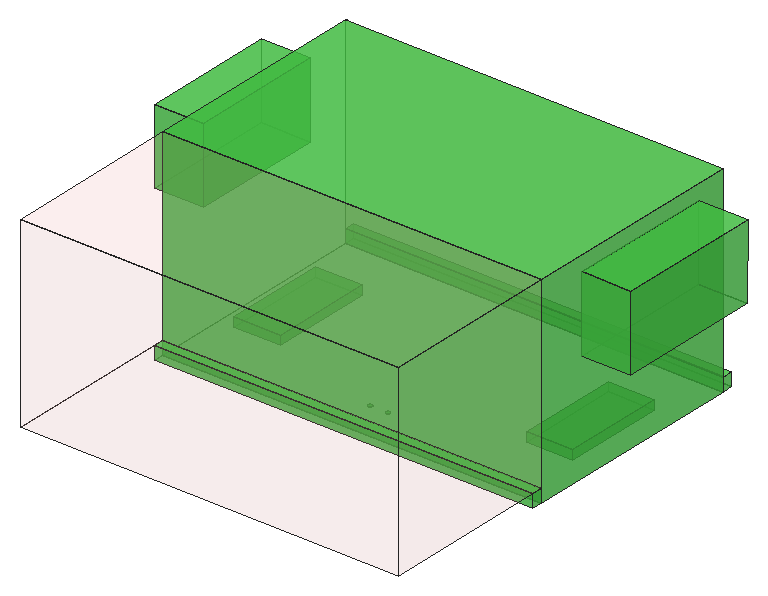
Revit family "ALDES_OPT_P_SERIE_EXT", category Mechanical Equipment, Revit 2018
Family settings
  Round Connector Dimension = Use Diameter
  Part Type = Normal
  Work Plane-Based = No
  Always vertical = Yes
  Cut with Voids When Loaded = No
  Shared = No
  Room Calculation Point = No
Parameters (values of type "P20H/E e")
  Z = 7.00"
  Y = 4.00"
  X2 = 39.90"
  X1 = 39.90"
  X = if(BY_PASS, X1, X2)  # 39.90"
  Volt [instance] = 0 V
  W = 0.10"
  V = 40.00"
  U = 10.50"
  Type Comments = "Control panel with power and control separation; Access door with automotive quality seal; High strength Frame System;  No penetrating screws construction; Double wall; Wiring protected with flexible sheath; Pre-drilled hole for power grid connection;  Roof with rain gutter; No thermal break"  # constant formula
  T = 4.33"
  S = 23.00"
  Roof Curb Insulated [instance] = not(Roof Curb)  # yes
  Roof Curb [instance] = no
  R2 = 6.50"
  R1 = 14.33"
  R = if(BY_PASS, R1, R2)  # 14.33"
  Q = 10.50"
  Pillow Block fan bearing [instance] = no
  Phases [instance] = 1
  P = 4.33"
  Option Relative humidity sensor [instance] = no
  Option Phase Loss Detection [instance] = no
  Option Low temperature limit [instance] = no
  Option Low Airflow Switch [instance] = no
  Option Dirty filters Contact [instance] = no
  Option Damper End Switch [instance] = no
  Option CO2 detection [instance] = no
  O = 23.00"
  N2 = 6.50"
  N1 = 14.33"
  N = if(BY_PASS, N1, N2)  # 14.33"
  Motor Variable VFD [instance] = no
  Motor Premium 3 TEFC [instance] = no
  Motor Premium = no
  Motor ODP [instance] = no
  Motor EPact 2 ODP [instance] = no
  Motor EC [instance] = no
  Motor 2 speed [instance] = no
  Motor 1 speed [instance] = yes
  M = 16.93"
  L = 24.61"
  K = 32.80"
  J2 = 6.50"
  J1 = 11.42"
  J = if(BY_PASS, J1, J2)  # 11.42"
  Isolation thickness and R value = "1'' - R4"
  I = 16.93"
  HP Exhaust Fan [instance] = 0 VA
  HP Supply Fan [instance] = 0 VA
  H = 24.61"
  G = 32.80"
  Finish Standard Paint [instance] = yes
  Finish Paint Silicone Polyester [instance] = not(Finish Standard Paint)  # no
  Filters HE filter replacement [instance] = no
  Filters Addition of HE filter [instance] = no
  F2 = 6.50"
  F1 = 11.42"
  F = if(BY_PASS, F1, F2)  # 11.42"
  EXHAUST_AIR_DAMPER = no
  EAD = 0.00"  # constant formula
  E = A - 4.74"  # 51.06"
  Drive Assembly_Blower on vibration isolation springs [instance] = no
  Drive Assembly_Blower on vibration isolation rubber [instance] = no
  Description = "Air Heat Exchanger"  # constant formula
  Defrost Wheel Speed variation [instance] = no
  Defrost Recirculation Cycles [instance] = no
  Defrost Hydronic preheating [instance] = no
  Defrost Fan Exhaust Cycle [instance] = no
  Defrost Face and Bypass damper [instance] = no
  Defrost Electric preheating coil [instance] = no
  Dampers Insulated motorized [instance] = not(Dampers Backdraft)  # no
  Dampers Backdraft [instance] = yes
  D = B - AA - BB  # 84.77"
  Cube Polypropylene [instance] = yes
  Cube Enthalpic High efficiency dPoint [instance] = no
  Cube Enthalpic Standard Efficiency (dPoint) [instance] = no
  Cube Enthalpic High Latent Transfer [instance] = no
  Cube Aluminum [instance] = no
  Position 7_OA_F [instance] = no
  Position 6_OA [instance] = yes
  Position 5_RA_H [instance] = not(Position 4_RA)  # no
  Position 4_RA [instance] = yes
  Position 3_SA [instance] = yes
  Position 2_SA_H [instance] = not(Position 3_SA)  # no
  Position 1_EA [instance] = yes
  BB = 11.00"
  B1 = 106.77"
  AA = 11.00"
  A2 = 46.00"
  A1 = 55.80"
  1_Post = no
  BY_PASS = yes
  Clearance Right [instance] = yes
  Clearance Left [instance] = yes
  C = 44.92"
  B = if([1_Post], B1 + 20.00", B1)  # 106.77"
  Airflow MIN = 0 CFM
  Airflow MAX = 0 CFM
  Air treatment Hydronic post-heating coil [instance] = no
  Air treatment Hydronic chilled water coil [instance] = no
  Air treatment DX cooling coil [instance] = no
  Air Treatment Electric postheating coil [instance] = no
  AMP = 0 A
  URL = "http://www.aldes.ca/produits/commerciaux/commercial-leger"
  Model = "P20 H/E i"
  Material Clearance = Aldes HRV Clearance
  Manufacturer = "Aldes"  # constant formula
  A = if(BY_PASS, A1, A2)  # 55.80"
Types (4): name | X2 | X1 | X | V | U | T | S | R2 | R1 | R | Q | P | O | N2 | N1 | N | M | L | K | J2 | J1 | J | I | H | G | F2 | F1 | F | EXHAUST_AIR_DAMPER | E | Dampers Insulated motorized | Dampers Backdraft | D | BB | B1 | AA | A2 | A1 | BY_PASS | Clearance Right | Clearance Left | C | B | Model | A
  P15H/E e | 40.00" | 40.00" | 40.00" | 40.00" | 10.50" | 4.33" | 23.00" | 5.63" | 9.50" | 9.50" | 10.51" | 4.33" | 23.00" | 5.63" | 9.49" | 9.49" | 16.93" | 24.61" | 32.80" | 0.80" | 6.54" | 6.54" | 16.93" | 24.61" | 28.40" | 2.68" | 6.54" | 6.54" | yes | 41.26" | no | yes | 84.77" | 11.00" | 106.77" | 11.00" | 38.25" | 46.00" | yes | no | no | 44.92" | 106.77" | "P15 H/E i" | 46.00"
  P20H/E e | 39.90" | 39.90" | 39.90" | 40.00" | 10.50" | 4.33" | 23.00" | 6.50" | 14.33" | 14.33" | 10.50" | 4.33" | 23.00" | 6.50" | 14.33" | 14.33" | 16.93" | 24.61" | 32.80" | 6.50" | 11.42" | 11.42" | 16.93" | 24.61" | 32.80" | 6.50" | 11.42" | 11.42" | no | 51.06" | no | yes | 84.77" | 11.00" | 106.77" | 11.00" | 46.00" | 55.80" | yes | yes | yes | 44.92" | 106.77" | "P20 H/E i" | 55.80"
  P30H/E e | 45.40" | 45.40" | 45.40" | 50.00" | 15.00" | 5.31" | 40.00" | 4.76" | 12.60" | 4.76" | 15.00" | 5.31" | 40.00" | 4.76" | 12.60" | 4.76" | 20.83" | 33.86" | 46.69" | 1.42" | 9.25" | 1.42" | 20.83" | 33.86" | 46.69" | 1.42" | 9.25" | 1.42" | no | 51.05" | yes | no | 93.85" | 14.00" | 121.85" | 14.00" | 55.79" | 69.88" | no | yes | yes | 55.87" | 121.85" | "P30 H/E e" | 55.79"
  P40H/E e | 45.41" | 45.41" | 45.41" | 50.00" | 15.00" | 5.31" | 40.00" | 12.60" | 20.43" | 20.43" | 15.00" | 5.31" | 40.00" | 12.60" | 20.43" | 20.43" | 20.83" | 33.86" | 46.69" | 9.25" | 17.09" | 17.09" | 20.83" | 33.86" | 46.69" | 9.25" | 19.09" | 19.09" | no | 80.50" | no | yes | 93.85" | 14.00" | 121.85" | 14.00" | 69.57" | 85.24" | yes | yes | yes | 55.87" | 121.85" | "P40 H/E e" | 85.24"
Reference planes (in)
  plane 1 "Center (Front/Back)": y = 5.13117
  plane 2: z = 0
  plane 3 "Center (Left/Right)": x = 18.15628
  plane 4: x = 60.54128
  plane 5: y = -20.39883
  plane 6: y = 30.66117
  plane 7: x = -24.22872
  plane 8: z = 44.92
  plane 9: z = 3
  plane 10: y = -22.76883
  plane 11: y = 33.03117
  plane 12: y = -60.39883
  plane 13: y = 30.76117
  plane 14: y = -13.39883
  plane 15: x = 45.34378
  plane 16 "P1": x = 20.64128
  plane 17 "QV": x = -9.39872
  plane 18 "PV": x = -19.89872
  plane 19: x = -108.03122
  plane 20: x = -14.31707
  plane 21: x = -35.22872
  plane 22 "EA": x = -35.22872
  plane 23 "P2": x = 16.64128
  plane 24 "OA": x = 71.54128
  plane 25 "N": y = -6.06883
  plane 26 "O": y = 16.93117
  plane 27 "P": z = 4.33
  plane 28: z = 14.83
  plane 29 "L": z = 24.61
  plane 30 "M": z = 41.54
  plane 31 "J": y = -8.97883
  plane 32 "R": y = -6.06883
  plane 33 "S": y = 16.93117
  plane 34: y = -4.86718
  plane 35: y = 29.31867
  plane 36 "T": z = 4.33
  plane 37 "U": z = 14.83
  plane 38 "f": y = -8.97883
  plane 39 "g": y = 23.82117
  plane 40 "I": z = 41.54
  plane 41 "H": z = 24.61
  plane 42: x = 56.21128
  plane 43: x = 45.71128
  plane 44: z = 7
  plane 45: y = 16.93117
  plane 46: y = -6.06883
Forms (in)
  Extrusion 1, solid
    sketch origin (18.15628, 0, 0) x (0, -1, 0) y (0, 0, 1)
      loop
        line (20.39883, 44.92) -> (-30.66117, 44.92) -> (-30.66117, 0) -> (20.39883, 0) -> (20.39883, 44.92)
    from -42.385 to 42.385
  Extrusion 2, solid
    sketch origin (18.15628, 0, 0) x (0, -1, 0) y (0, 0, 1)
      loop
        line (22.76883, 3) -> (20.39883, 3) -> (20.39883, 0) -> (22.76883, 0) -> (22.76883, 3)
      loop
        line (-33.03117, 3) -> (-33.03117, 0) -> (-30.66117, 0) -> (-30.66117, 3) -> (-33.03117, 3)
    from -42.385 to 42.385
  Extrusion 3, solid, material "Aldes HRV Clearance" <- "Material Clearance", visible <- "Clearance Left"
    sketch origin (18.15628, 5.13117, 0) x (-1, 0, 0) y (0, -1, 0)
      loop
        line (-42.385, 25.53) -> (42.385, 25.53) -> (42.385, 65.53) -> (-42.385, 65.53) -> (-42.385, 25.53)
    from 3 to 44.92
  Extrusion 4, solid, material "Aldes HRV Clearance" <- "Material Clearance", visible <- "Clearance Right"
    sketch origin (18.28128, 60.55217, 0) x (-1, 0, 0) y (0, -1, 0)
      loop
        line (-42.26, 29.791) -> (42.51, 29.791) -> (42.51, 29.891) -> (-42.26, 29.891) -> (-42.26, 29.791)
    from 3 to 44.92
  Extrusion 5, solid, visible <- "Position 4_RA"
    sketch origin (18.15628, 5.13117, 0) x (-1, 0, 0) y (0, -1, 0)
      loop
        line (27.555, 11.2) -> (27.555, -11.8) -> (38.055, -11.8) -> (38.055, 11.2) -> (27.555, 11.2)
    from 3 to 0.84934
  Extrusion 6, solid, visible <- "Position 6_OA"
    sketch origin (0, 5.13117, 22.5) x (-1, 0, 0) y (0, 0, 1)
      loop
        line (24.22872, 19.04) -> (24.22872, 2.11) -> (35.22872, 2.11) -> (35.22872, 19.04) -> (24.22872, 19.04)
    from -14.11 to 15.915
  Extrusion 7, solid, visible <- "Position 1_EA"
    sketch origin (18.10159, 5.13117, 28) x (-1, 0, 0) y (0, 0, 1)
      loop
        line (-42.48197, 13.54) -> (-53.43969, 13.54) -> (-53.43969, -3.39) -> (-42.43969, -3.39) -> (-42.43969, 13.54) -> (-42.48197, 13.54)
    from -14.11 to 18.69
  Extrusion 8, solid
    sketch origin (14.15628, 9.56867, 0) x (-1, 0, 0) y (0, -1, 0)
      loop
        circle (-6.485, 22.9675) r 0.5
    from 1.125 to 1.25
  Extrusion 9, solid, visible <- "Position 2_SA_H"
    sketch origin (18.15628, 0, 0) x (0, -1, 0) y (0, 0, 1)
      loop
        line (6.06883, 4.33) -> (6.06883, 14.83) -> (-16.93117, 14.83) -> (-16.93117, 4.33) -> (6.06883, 4.33)
    from -42.385 to -42.61826
  Extrusion 10, solid, visible <- "Position 5_RA_H"
    sketch origin (18.15628, 0, 0) x (0, -1, 0) y (0, 0, 1)
      loop
        line (-16.93117, 14.83) -> (-16.93117, 4.33) -> (6.06883, 4.33) -> (6.06883, 14.83) -> (-16.93117, 14.83)
    from 42.385 to 42.5725
  Extrusion 11, solid
    sketch origin (15.56144, 9.56867, 0) x (-1, 0, 0) y (0, -1, 0)
      loop
        circle (-1.07984, 22.9675) r 0.5
    from 1.125 to 1.25
  Extrusion 12, solid, visible <- "Position 3_SA"
    sketch origin (88.53664, 2.60376, 0) x (-1, 0, 0) y (0, -1, 0)
      loop
        line (32.32537, 8.67259) -> (32.32537, -14.32741) -> (42.82537, -14.32741) -> (42.82537, 8.67259) -> (32.32537, 8.67259)
    from 3 to 0.84934
  Sweep 13, solid, material "Default", visible <- "Roof Curb"
    path origin (18.15628, 5.13117, 0) x (-1, 0, 0) y (0, -1, 0)
      loop
        line (-39.385, 22.53) -> (-39.385, -22.63) -> (39.385, -22.63) -> (39.385, 22.53) -> (-39.385, 22.53)
    profile origin (18.15628, -17.39883, 0) x (0, -1, 0) y (0, 0, 1)
      loop
        line (0, 3) -> (-1.75, 3) -> (-1.75, -11) -> (0.5, -11) -> (0.5, -10.9375) -> (-1.6875, -10.9375) -> (-1.6875, 1.75) -> (0, 1.75) -> (0, 3)
Dimensions and locks (in)
  equal spacing: plane 6, plane 1 "Center (Front/Back)", plane 5
  equal spacing: plane 7, plane 3 "Center (Left/Right)", plane 4
  "C": plane 8 to level
  plane 9 to level = 3.00"
  equal spacing: plane 11, plane 1 "Center (Front/Back)", plane 10
  "V": plane 12 to plane 5
  "W": plane 13 to plane 6
  "X": plane 4 to plane 16 "P1"
  locked: plane 21 to Extrusion 6 sketch curve at 0
  Extrusion 5 to Extrusion 5 = 23.00"
  locked: Extrusion 4 to Extrusion 10 at 0.1875
  locked: Extrusion 4 to Extrusion 9 at 0.23326
  locked: Extrusion 11 sketch curve to plane 23 "P2"
  "B": plane 24 "OA" to plane 22 "EA"
  "BB": plane 7 to plane 22 "EA"
  "AA": plane 24 "OA" to plane 4
  "A": plane 11 to plane 10
  "E": plane 6 to plane 5
  "N": plane 25 "N" to plane 5
  "O": plane 26 "O" to plane 25 "N"
  "P": plane 27 "P" to level
  "Q": plane 28 to plane 27 "P"
  "Q": plane 18 "PV" to plane 17 "QV"
  "P": plane 7 to plane 18 "PV"
  "J": plane 31 "J" to plane 5
  "L": plane 29 "L" to level
  "M": plane 30 "M" to plane 29 "L"
  "R": plane 5 to plane 32 "R"
  "S": plane 32 "R" to plane 33 "S"
  "T": plane 36 "T" to level
  "U": plane 37 "U" to plane 36 "T"
  "F": plane 5 to plane 38 "f"
  "G": plane 38 "f" to plane 39 "g"
  "H": plane 41 "H" to level
  "I": plane 40 "I" to plane 41 "H"
  "T": plane 42 to plane 4
  "U": plane 43 to plane 42
  "Z": plane 5 to plane 14
  "Y": plane 23 "P2" to plane 16 "P1"
  "Z": plane 44 to level
  "R": plane 5 to plane 46
  "S": plane 46 to plane 45
  Sweep 13 sketch curve to Sweep 13 sketch curve = 1.75"
  locked: Sweep 13 sketch curve to Sweep 13 sketch curve at 1.25
  locked: Sweep 13 sketch curve to Sweep 13 sketch curve at 0.0625  (x2)
  locked: Sweep 13 sketch curve to Sweep 13 sketch curve at 2.25
  Sweep 13 sketch curve to Sweep 13 sketch curve = 78.77"
  Sweep 13 sketch curve to Sweep 13 sketch curve = 45.16"
  Sweep 13 sketch curve to plane 5 = 3.00"
  Sweep 13 sketch curve to plane 13 = 3.00"
  plane 7 to Sweep 13 sketch curve = 3.00"
  Sweep 13 sketch curve to plane 4 = 3.00"
  plane 24 "OA" to Extrusion 4 = 11.00"
  diameter of Extrusion 8 sketch curve = 1.00"
  aligned and locked: plane 2 to level
  aligned and locked: plane 8 to Extrusion 1 sketch curve
  aligned and locked: plane 5 to Extrusion 1 sketch curve
  aligned and locked: plane 6 to Extrusion 1 sketch curve
  aligned and locked: plane 9 to Extrusion 2 sketch curve  (x2)
  aligned and locked: Extrusion 2 sketch curve to level  (x2)
  aligned and locked: plane 12 to Extrusion 3 sketch curve
  aligned and locked: plane 11 to Extrusion 2 sketch curve
  aligned and locked: Extrusion 2 sketch curve to plane 10
  aligned and locked: plane 4 to Extrusion 4
  aligned and locked: plane 8 to Extrusion 4
  aligned and locked: plane 7 to Extrusion 4
  aligned and locked: Extrusion 3 sketch curve to plane 7
  aligned and locked: Extrusion 3 to plane 8
  aligned and locked: Extrusion 3 to plane 9
  aligned and locked: Extrusion 4 to plane 9
  aligned and locked: plane 17 "QV" to Extrusion 5 sketch curve
  aligned and locked: Extrusion 5 sketch curve to plane 18 "PV"
  aligned and locked: Extrusion 6 sketch curve to plane 7
  aligned and locked: plane 22 "EA" to plane 21
  aligned and locked: plane 9 to Extrusion 5
  aligned and locked: Extrusion 7 to plane 24 "OA"
  aligned and locked: Extrusion 7 to plane 4
  aligned and locked: Extrusion 1 to level
  aligned and locked: plane 4 to Extrusion 2
  aligned and locked: plane 7 to Extrusion 2
  aligned and locked: plane 6 to Extrusion 2
  aligned and locked: Extrusion 10 to plane 26 "O"
  aligned and locked: plane 25 "N" to Extrusion 10
  aligned and locked: Extrusion 10 to Extrusion 9
  aligned and locked: Extrusion 9 to Extrusion 10
  aligned and locked: Extrusion 5 to Extrusion 10
  aligned and locked: Extrusion 10 to Extrusion 5
  aligned and locked: Extrusion 6 to plane 31 "J"
  aligned and locked: Extrusion 6 to plane 29 "L"
  aligned and locked: plane 30 "M" to Extrusion 6
  aligned and locked: plane 37 "U" to Extrusion 9
  aligned and locked: Extrusion 9 to plane 36 "T"
  aligned and locked: Extrusion 9 to plane 33 "S"
  aligned and locked: plane 32 "R" to Extrusion 9
  aligned and locked: plane 40 "I" to Extrusion 7
  aligned and locked: Extrusion 7 to plane 41 "H"
  aligned and locked: Extrusion 7 to plane 39 "g"
  aligned and locked: plane 38 "f" to Extrusion 7
  aligned and locked: Extrusion 12 to plane 42
  aligned and locked: plane 43 to Extrusion 12
  aligned and locked: Extrusion 12 to plane 45
  aligned and locked: plane 46 to Extrusion 12
  aligned and locked: Extrusion 1 to plane 4
  aligned and locked: Extrusion 1 to plane 7
  aligned and locked: plane 7 to Extrusion 10
  aligned and locked: plane 4 to Extrusion 9
Automatic sketch dimensions
  Extrusion 1 sketch curve to level = 0.00"
  Extrusion 2 sketch curve to plane 6 = 0.00"
  Extrusion 2 sketch curve to plane 5 = 0.00"
  Extrusion 3 sketch curve to plane 4 = 0.00"
  plane 5 to Extrusion 3 sketch curve = 0.00"
  Extrusion 4 sketch curve to plane 4 = 0.00"
  Extrusion 4 sketch curve to plane 6 = 0.00"
  Extrusion 4 sketch curve to plane 7 = 0.00"
  Extrusion 4 sketch curve to plane 13 = 0.00"
  plane 26 "O" to Extrusion 5 sketch curve = 0.00"
  plane 25 "N" to Extrusion 5 sketch curve = 0.00"
  Extrusion 6 sketch curve to plane 29 "L" = 0.00"
  Extrusion 6 sketch curve to plane 30 "M" = 0.00"
  Extrusion 7 sketch curve to plane 24 "OA" = 0.00"
  Extrusion 7 sketch curve to plane 40 "I" = 0.00"
  plane 4 to Extrusion 7 sketch curve = 0.00"
  Extrusion 7 sketch curve to plane 41 "H" = 0.00"
  Extrusion 7 sketch curve to Extrusion 7 sketch curve = 0.04228"
  plane 14 to Extrusion 8 sketch curve = 0.00"
  Extrusion 8 sketch curve to plane 16 "P1" = 0.00"
  Extrusion 9 sketch curve to plane 33 "S" = 0.00"
  Extrusion 9 sketch curve to plane 32 "R" = 0.00"
  Extrusion 9 sketch curve to plane 36 "T" = 0.00"
  Extrusion 9 sketch curve to plane 37 "U" = 0.00"
  Extrusion 10 sketch curve to plane 26 "O" = 0.00"
  Extrusion 10 sketch curve to plane 25 "N" = 0.00"
  Extrusion 10 sketch curve to plane 36 "T" = 0.00"
  Extrusion 10 sketch curve to plane 37 "U" = 0.00"
  Extrusion 11 sketch curve to plane 14 = 0.00"
  Extrusion 12 sketch curve to plane 33 "S" = 0.00"
  Extrusion 12 sketch curve to plane 42 = 0.00"
  Extrusion 12 sketch curve to plane 43 = 0.00"
  plane 32 "R" to Extrusion 12 sketch curve = 0.00"
  Sweep 13 sketch curve to profile plane = 0.00"
  Sweep 13 sketch curve to profile plane = 11.00"
  profile plane to Sweep 13 sketch curve = 1.75"
  radius of Extrusion 11 sketch curve = 0.50"
Connectors (in)
  hvac at (-14.64872, 5.43117, 0.84934), driven by "O", driven by "Q"
    settings: on Extrusion 5, index 9, duct flow 0 CFM, flow factor 0, pres drop 0.00 in-wg, loss coef 0, conn angle 0.00°, conn width 10 1/2", conn height 23", conn diameter 24", duct sys type 2, conn prof type 1, flow config 0, flow direction 0, loss method 0, conn ref index -1, conn util no, is conn primary yes, conn desc "RAV"
  hvac at (60.77454, 5.43117, 9.58), driven by "U", driven by "S"
    settings: on Extrusion 9, index 11, duct flow 0 CFM, flow factor 0, pres drop 0.00 in-wg, loss coef 0, conn angle 0.00°, conn width 23", conn height 10 1/2", conn diameter 24", duct sys type 1, conn prof type 1, flow config 0, flow direction 0, loss method 0, conn ref index -1, conn util no, is conn primary no, conn desc "SA"
  hvac at (-24.41622, 5.43117, 9.58), driven by "Q", driven by "O"
    settings: on Extrusion 10, index 12, duct flow 0 CFM, flow factor 0, pres drop 0.00 in-wg, loss coef 0, conn angle 0.00°, conn width 23", conn height 10 1/2", conn diameter 24", duct sys type 2, conn prof type 1, flow config 0, flow direction 0, loss method 0, conn ref index -1, conn util no, is conn primary no, conn desc "RA"
  piping at (20.64128, -13.39883, 1.25), diameter 1
    settings: on Extrusion 8, index 13, connector inside diameter 24", connector length 0.00", flow factor 0, pipe flow 0 GPM, pressure drop 0.00 psi, fitting loss kfactor 0, connector angle 0.00°, fixture units 0, engagement length 0.00", angle of deflection 0.00°, flow configuration 0, flow direction 0, fitting loss method 0, system type 16, joint type 0, gender type 0, connector reference index -1, connector utility 0, adjustable connector no, is connector primary yes, connector description ""
  piping at (16.64128, -13.39883, 1.25), diameter 1
    settings: on Extrusion 11, index 14, connector inside diameter 24", connector length 0.00", flow factor 0, pipe flow 0 GPM, pressure drop 0.00 psi, fitting loss kfactor 0, connector angle 0.00°, fixture units 0, engagement length 0.00", angle of deflection 0.00°, flow configuration 0, flow direction 0, fitting loss method 0, system type 16, joint type 0, gender type 0, connector reference index -1, connector utility 0, adjustable connector no, is connector primary no, connector description ""
  hvac at (50.96128, 5.43117, 0.84934), driven by "S", driven by "U"
    settings: on Extrusion 12, index 17, duct flow 0 CFM, flow factor 0, pres drop 0.00 in-wg, loss coef 0, conn angle 0.00°, conn width 10 1/2", conn height 23", conn diameter 24", duct sys type 1, conn prof type 1, flow config 0, flow direction 0, loss method 0, conn ref index -1, conn util no, is conn primary no, conn desc "SAV"
